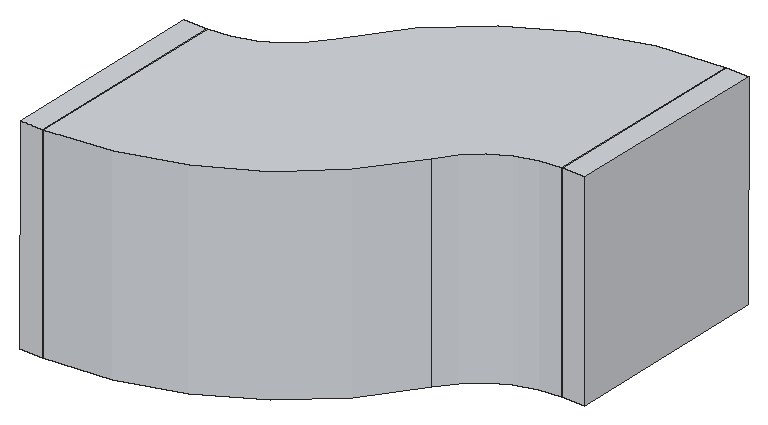
Revit family "M_Raio de deslocamento retangular - DTL", category Conexões de duto, Revit 2019
Family settings
  Cota do conector redondo = Utilizar diâmetro
  Tipo de parte = Deslocamento
  Número OmniClass = 23.75.70.14
  Título OmniClass = Air Ductwork
  ID de item do Seek = Rectangular Offset Radius - DTL-0000-CAN-ENU
  Com base no plano de trabalho = Não
  Sempre na vertical = Sim
  Corte com vazios quando carregada = Não
  Compartilhado = Não
Parameters (values of type "Padrão")
  Visibilidade da saída reta [instance] = Saída reta > 0 mm  # yes
  Visibilidade da entrada reta [instance] = Entrada reta > 0 mm  # yes
  Deslocamento [instance] = Comprimento * tan(Ângulo)  # 450 mm
  Saída reta 1 [instance] = if(Saída reta > 0 mm, Saída reta, 25 mm)  # 50 mm
  Comprimento 1 [instance] = 3048 mm + Entrada reta + Saída reta + Comprimento  # 3927.423 mm
  Entrada reta 1 [instance] = if(Entrada reta > 0 mm, Entrada reta, 25 mm)  # 50 mm
  Comprimento [instance] = Raio * sin(Ângulo 1) * 2  # 779.423 mm
  Raio 1 [instance] = Raio + 3048 mm - Raio * cos(Ângulo 1) * 2  # 3048 mm
  Saída reta [instance] = 50 mm
  Entrada reta [instance] = 50 mm
  Entrada de largura [instance] = 450 mm
  Entrada de profundidade [instance] = 450 mm
  Raio [instance] = if(Entrada de largura / 2 < Entrada de largura, Entrada de largura, (Entrada de largura + 25 mm))  # 450 mm
  Ângulo 1 [instance] = Ângulo * 2  # 60.00°
  Ângulo [instance] = 30.00°
Reference planes
  plane 1 "Centro (Frente/Trás)": y = 0
  plane 2: z = 0
  plane 3 "Centro (Esquerda/Direita)": x = 0
  plane 4: x = 50
  plane 5: y = 450
  plane 6: y = 0
  plane 7: x = 829.423
  plane 8: x = 879.423
  plane 9: y = 450
  plane 10: y = -3048
  plane 11: x = -3048
  plane 12: x = 50
  plane 13: x = 829.423
Forms (mm)
  Sweep 1, solid, detail levels medium+fine
    path in 3D
      loop
        arc (50, 0, 0) -> (275, 60.289, 0) -> (439.711, 225, 0) r 450
    profile origin (275, 60.289, 0) x (-0.5, 0.866025, 0) y (0, 0, 1)
      loop
        line (-225, 225) -> (-225, -225) -> (225, -225) -> (225, 225) -> (-225, 225)
  Sweep 2, solid, detail levels medium+fine
    path in 3D
      loop
        arc (829.423, 450, 0) -> (604.423, 389.711, 0) -> (439.711, 225, 0) r 450
    profile origin (604.423, 389.711, 0) x (0.5, -0.866025, 0) y (0, 0, 1)
      loop
        line (225, 225) -> (-225, 225) -> (-225, -225) -> (225, -225) -> (225, 225)
  Extrusion 3, solid, visible <- "Visibilidade da saída reta", detail levels medium+fine
    sketch origin (0, 0, 0) x (0, 1, 0) y (0, 0, 1)
      loop
        line (675, 225) -> (225, 225) -> (225, -225) -> (675, -225) -> (675, 225)
    from 829.423 to 879.423
  Extrusion 4, solid, visible <- "Visibilidade da entrada reta", detail levels medium+fine
    sketch origin (0, 0, 0) x (0, 1, 0) y (0, 0, 1)
      loop
        line (225, 225) -> (-225, 225) -> (-225, -225) -> (225, -225) -> (225, 225)
    from 0 to 50
Cuts and joins
  joined: Sweep 1, Sweep 2
Lines and regions (mm)
  model lines, detail levels coarse
    curve 1: arc (50, 0, 0) -> (275, 60.289, 0) -> (439.711, 225, 0) r 450
    curve 2: arc (829.423, 450, 0) -> (604.423, 389.711, 0) -> (439.711, 225, 0) r 450
  sketch lines
    curve 3: arc (50, 0, 0) -> (275, 60.289, 0) -> (439.711, 225, 0) r 450
    curve 6: arc (829.423, 450, 0) -> (604.423, 389.711, 0) -> (439.711, 225, 0) r 450
  model lines, visible <- "Visibilidade da entrada reta", detail levels coarse
    curve 4: line (50, 0, 0) -> (0, 0, 0)
  model lines, visible <- "Visibilidade da saída reta", detail levels coarse
    curve 5: line (829.423, 450, 0) -> (879.423, 450, 0)
Dimensions and locks
  "Comprimento": plane 4 to plane 7
  "Raio": plane 9 to plane 6
  "Raio": plane 5 to plane 1 "Centro (Frente/Trás)"
  locked: plane 10 to plane 1 "Centro (Frente/Trás)" at 3048
  "Raio 1": plane 6 to plane 10
  equal spacing: Sweep 1 sketch curve, profile plane, Sweep 1 sketch curve  (x2)
  "Entrada de largura": Sweep 1 sketch curve to Sweep 1 sketch curve
  "Entrada de profundidade": Sweep 1 sketch curve to Sweep 1 sketch curve
  equal spacing: Sweep 2 sketch curve, profile plane, Sweep 2 sketch curve  (x2)
  "Entrada de largura": Sweep 2 sketch curve to Sweep 2 sketch curve
  "Entrada de profundidade": Sweep 2 sketch curve to Sweep 2 sketch curve
  locked: plane 11 to plane 3 "Centro (Esquerda/Direita)" at 3048
  "Comprimento 1": plane 11 to plane 8
  "Entrada reta": plane 3 "Centro (Esquerda/Direita)" to plane 4
  "Saída reta 1": plane 13 to plane 8
  "Entrada reta 1": plane 3 "Centro (Esquerda/Direita)" to plane 12
  equal spacing: Extrusion 3 sketch curve, plane 9, Extrusion 3 sketch curve
  "Entrada de largura": Extrusion 3 sketch curve to Extrusion 3 sketch curve
  equal spacing: Extrusion 3 sketch curve, plane 2, Extrusion 3 sketch curve
  "Entrada de profundidade": Extrusion 3 sketch curve to Extrusion 3 sketch curve
  equal spacing: Extrusion 4 sketch curve, plane 2, Extrusion 4 sketch curve
  "Entrada de profundidade": Extrusion 4 sketch curve to Extrusion 4 sketch curve
  equal spacing: Extrusion 4 sketch curve, plane 1 "Centro (Frente/Trás)", Extrusion 4 sketch curve
  "Entrada de largura": Extrusion 4 sketch curve to Extrusion 4 sketch curve
  "Raio": radius of curve 1
  "Raio": radius of curve 2
  "Ângulo 1": angle curve 1 to curve 1
  "Ângulo 1": angle curve 2 to curve 2
  aligned and locked: plane 4 to curve 1  (x2)
  aligned and locked: plane 3 "Centro (Esquerda/Direita)" to curve 4
  aligned and locked: plane 8 to curve 5
  aligned and locked: curve 4 to plane 1 "Centro (Frente/Trás)"
  aligned and locked: plane 8 to Extrusion 3
  aligned and locked: Extrusion 3 to plane 13
  aligned and locked: Extrusion 4 to plane 3 "Centro (Esquerda/Direita)"
  aligned and locked: plane 12 to Extrusion 4
  aligned and locked: plane 13 to curve 5
Connectors
  hvac at (0, 0, 0), driven by "Entrada de profundidade", driven by "Entrada de largura"
    settings: on Extrusion 4, index 1, duct flow 0.0 L/s, flow factor 0, pres drop 0.0 Pa, loss coef 0, conn angle 0.00°, conn width 450 mm, conn height 450 mm, conn diameter 609.6 mm, duct sys type 28, conn prof type 1, flow config 0, flow direction 0, loss method 0, conn ref index 2, conn util no, is conn primary yes, conn desc ""
  hvac at (879.423, 450, 0), driven by "Entrada de profundidade", driven by "Entrada de largura"
    settings: on Extrusion 3, index 2, duct flow 0.0 L/s, flow factor 0, pres drop 0.0 Pa, loss coef 0, conn angle 0.00°, conn width 450 mm, conn height 450 mm, conn diameter 609.6 mm, duct sys type 28, conn prof type 1, flow config 0, flow direction 0, loss method 0, conn ref index 1, conn util no, is conn primary no, conn desc ""
